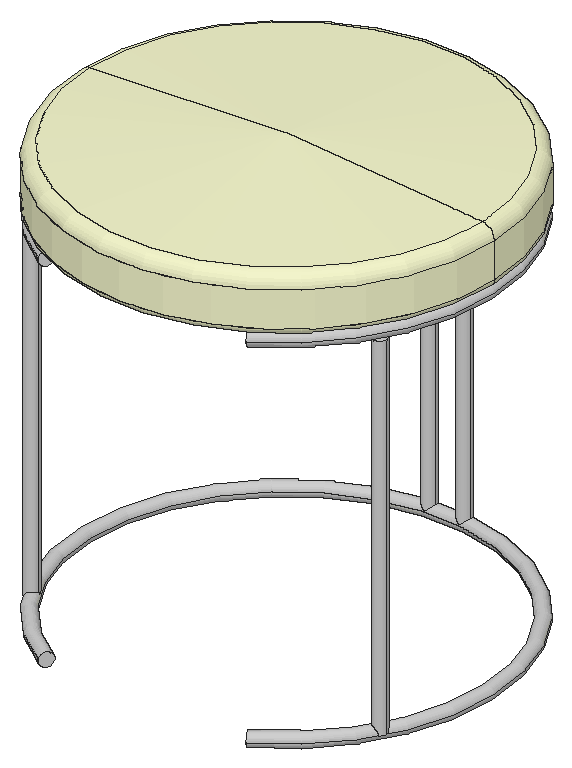
Revit family "Nina-LivingDivani", category Furniture, Revit 2013
Parameters (values of type "Basso 39cm indoor")
  visib montante = Altezza > 40 cm  # no
  URL = "http://www.livingdivani.it"
  Model = "Nina"
  Mat. Tessuto = Linen, Beige
  Mat. Struttura = Steel, Polished
  Manufacturer = "LivingDivani"
  Codice prodotto = "NINP039"
  altezza sgabello = Altezza - 7 cm  # 32 cm
  Altezza = 39 cm
Types (5, lengths in cm): name | visib montante | Codice prodotto | altezza sgabello | Altezza
  (no name) | no | "NINP039" | 32 | 39
  Alto 69cm indoor | yes | "NINP069" | 62 | 69
  Basso 39cm indoor | no | "NINP039" | 32 | 39
  Basso 39cm outdoor | no | "NINP039E" | 32 | 39
  Alto 69cm outdoor | yes | "NINP069E" | 62 | 69
Reference planes (cm)
  plane 1 "Centro (Fronte/Retro)": y = 0
  plane 2: z = 0
  plane 3 "Centro (Sinistra/Destra)": x = 0
  plane 4: z = 32
  plane 5 "sx": x = -37.5
  plane 6 "dx": x = 37.5
  plane 7 "dietro": y = 34
  plane 8: y = -34
Forms (cm)
  Revolve 1, solid, material "Steel, Polished" <- "Mat. Struttura"
    sketch origin (0, 0, 0) x (0.5, 0.866025, 0) y (0, 0, 1)
      loop
        circle (-17.9, 0.6) r 0.6
      axis (0, 0.6) -> (0, 0.5)
    angle from 0 to 300
  Extrusion 2, solid, material "Steel, Polished" <- "Mat. Struttura"
    sketch origin (0, 0, 0) x (1, 0, 0) y (0, 1, 0)
      loop
        circle (-15.5019, -8.95) r 0.6
      loop
        circle (15.5019, -8.95) r 0.6
      loop
        circle (-1.5601, 17.8319) r 0.6
      loop
        circle (1.5601, 17.8319) r 0.6
    from 0.6 to 32
  Extrusion 3, solid, material "Steel, Polished" <- "Mat. Struttura", visible <- "visib montante"
    sketch origin (-0.0716, -0.0716, 0) x (1, 0, 0) y (0, 0, 1)
      loop
        circle (1.628, 18.6) r 0.6
    from -17.9704 to 8.9284
  Extrusion 4, solid, material "Steel, Polished" <- "Mat. Struttura", visible <- "visib montante"
    sketch origin (0.0716, -0.0716, 0) x (-1, 0, 0) y (0, 0, -1)
      loop
        circle (1.628, -18.6) r 0.6
    from -17.9704 to 8.9284
  Extrusion 5, solid, material "Steel, Polished" <- "Mat. Struttura", visible <- "visib montante"
    sketch origin (9.8775, -10.5755, 0) x (0, 1, 0) y (0, 0, 1)
      loop
        circle (1.628, 18.6) r 0.6
    from -25.4338 to 5.5585
  Revolve 6, solid, material "Steel, Polished" <- "Mat. Struttura"
    sketch origin (0, 0, 69) x (0.5, 0.866025, 0) y (0, 0, 1)
      loop
        circle (-17.9, -36.4) r 0.6
      axis (0, -36.4) -> (0, -36.5)
    angle from 0 to 300
  Revolve 7, solid, material "Linen, Beige" <- "Mat. Tessuto"
    sketch origin (0, 0, 1.2) x (1, 0, 0) y (0, 0, 1)
      loop
        line (-18.0186, 32) -> (0, 32) -> (0, 37.73)
        arc (0, 37.73) -> (-8.7381, 37.5261) -> (-17.4501, 36.8194) r 151.7533
        arc (-17.4501, 36.8194) -> (-18.2124, 36.4273) -> (-18.5186, 35.6266) r 1.2
        line (-18.5186, 35.6266) -> (-18.5186, 32.5)
        arc (-18.5186, 32.5) -> (-18.3722, 32.1464) -> (-18.0186, 32) r 0.5
      axis (0, 37.73) -> (0, 32)
    angle from 0 to 360
Dimensions and locks (cm)
  "altezza sgabello": plane 4 to plane 2
  locked: Revolve 7 sketch curve to plane 4 at 1.2
  aligned and locked: level to plane 2
  aligned and locked: plane 4 to Extrusion 2
Automatic sketch dimensions
  level to Revolve 1 sketch curve = 0.6 cm
  Revolve 1 sketch curve to Revolve 1 sketch curve = 17.9 cm
  Revolve 1 sketch curve to level = 44.0494 cm
  plane 4 to Revolve 1 sketch curve = 166.7414 cm
  Extrusion 2 sketch curve to plane 3 "Centro (Sinistra/Destra)" = 15.5019 cm
  Extrusion 2 sketch curve to plane 3 "Centro (Sinistra/Destra)" = 1.5601 cm
  plane 3 "Centro (Sinistra/Destra)" to Extrusion 2 sketch curve = 1.5601 cm
  plane 3 "Centro (Sinistra/Destra)" to Extrusion 2 sketch curve = 15.5019 cm
  plane 1 "Centro (Fronte/Retro)" to Extrusion 2 sketch curve = 8.95 cm  (x2)
  Extrusion 2 sketch curve to plane 7 "dietro" = 16.1681 cm
  Extrusion 2 sketch curve to Extrusion 2 sketch curve = 0 cm
  plane 3 "Centro (Sinistra/Destra)" to Extrusion 3 sketch curve = 1.5564 cm
  level to Extrusion 3 sketch curve = 18.6 cm
  Extrusion 4 sketch curve to plane 3 "Centro (Sinistra/Destra)" = 1.5564 cm
  level to Extrusion 4 sketch curve = 18.6 cm
  plane 1 "Centro (Fronte/Retro)" to Extrusion 5 sketch curve = 8.9475 cm
  level to Extrusion 5 sketch curve = 18.6 cm
  plane 4 to Revolve 6 sketch curve = 0.6 cm
  Revolve 6 sketch curve to Revolve 6 sketch curve = 17.9 cm
  level to Revolve 6 sketch curve = 24.9506 cm
  plane 4 to Revolve 6 sketch curve = 235.7414 cm
  Revolve 7 sketch curve to plane 3 "Centro (Sinistra/Destra)" = 0 cm  (x2)
  plane 4 to Revolve 7 sketch curve = 1.7 cm
  Revolve 7 sketch curve to Revolve 7 sketch curve = 18.0186 cm
  Revolve 7 sketch curve to Revolve 7 sketch curve = 1.0686 cm
  Revolve 7 sketch curve to Revolve 7 sketch curve = 0 cm  (x2)
  Revolve 7 sketch curve to Revolve 7 sketch curve = 1.2 cm
  Revolve 7 sketch curve to plane 3 "Centro (Sinistra/Destra)" = 0.8304 cm
  Revolve 7 sketch curve to Revolve 7 sketch curve = 3.1266 cm
  Revolve 7 sketch curve to Revolve 7 sketch curve = 1.5 cm
  radius of Revolve 1 sketch curve = 0.6 cm
  radius of Extrusion 2 sketch curve = 0.6 cm  (x4)
  radius of Extrusion 3 sketch curve = 0.6 cm
  radius of Extrusion 4 sketch curve = 0.6 cm
  radius of Extrusion 5 sketch curve = 0.6 cm
  radius of Revolve 6 sketch curve = 0.6 cm
